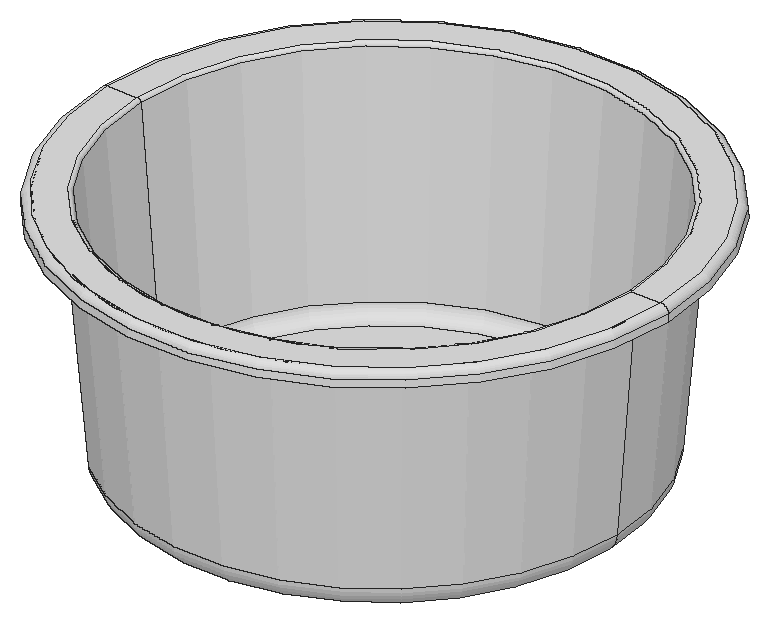
Revit family "Reece_Sink_Memo_Freya_Inset or Undermount_21.6 L_Single_Round", category Plumbing Fixtures, host Face, Revit 2018
Family settings
  Host = Face
  Round Connector Dimension = Use Diameter
  Part Type = Normal
  Cut with Voids When Loaded = No
  Shared = Yes
  Room Calculation Point = Yes
Parameters (values of type "No Taphole_Granite White")
  WFU = 0  # constant formula
  URL = "https://www.reece.com.au/product/-2406974"
  Type Comments = "Sink"
  Reece_Sink_is_Undermount [instance] = yes
  Reece_Sink_Undermount_Offset [instance] = 20 mm
  Reece_Sink_Undermount_Offset_formula [instance] = if(Reece_Sink_Undermount_Offset < 0 mm, 0 mm, if(Reece_Sink_is_Undermount, Reece_Sink_Undermount_Offset + 11 mm, 0 mm))  # 31 mm
  Reece_Sink_Outlet = 40 mm  # constant formula
  Reece_Product_Web Page = "https://www.reece.com.au/product/-2406974"
  Reece_Product_Type = "Sink"  # constant formula
  Reece_Product_Sub Brand = "Freya"  # constant formula
  Reece_Product_Number = "2406974"
  Reece_Product_Mount = "Inset / Undermount"  # constant formula
  Reece_Product_Description = "Memo Freya Round Sink No Taphole Granite White"
  Reece_Product_Brand = "Memo"  # constant formula
  Reece_Overall_Height = 210 mm  # constant formula
  Reece_Overall-Diameter = 460 mm  # constant formula
  Reece_Material_Main = Reece_Granite_Matte White
  Reece_Detail_Installation = ""
  Reece_Detail_Disclaimer = "THIS FILE IS THE PROPERTY OF THE REECE GROUP. IT MAY NOT BE REPRODUCED, REVERSE-ENGINEERED, OR MODIFIED. ANY REPUBLICATION, TRANSMISSION, OR DISTRIBUTION FOR THE PURPOSE OF COMMERCIALLY EXPLOITING THE FILES IS PROHIBITED."  # constant formula
  Reece_Detail_Connector = ""
  Reece_Detail_Additional = "Inset / Undermount"  # constant formula
  Model = "Freya"
  Manufacturer = "Memo"
  Keynote = "Product #2406974, Reece_Sink_Memo_Freya_Inset or Undermount_21.6 L_Single_Round - No Taphole_Granite White"
  HWFU = 0  # constant formula
  Disclaimer = "THIS FILE IS THE PROPERTY OF THE REECE GROUP. IT MAY NOT BE REPRODUCED, REVERSE-ENGINEERED, OR MODIFIED. ANY REPUBLICATION, TRANSMISSION, OR DISTRIBUTION FOR THE PURPOSE OF COMMERCIALLY EXPLOITING THE FILES IS PROHIBITED."  # constant formula
  Description = "Memo Freya Round Sink No Taphole Granite White"
  Default Elevation = 0 mm
  CWFU = 0  # constant formula
Types (2, lengths in mm): name | URL | Reece_Product_Web Page | Reece_Product_Number | Reece_Product_Description | Reece_Material_Main | Keynote | Description
  No Taphole_Granite Black | "https://www.reece.com.au/product/-2411005" | "https://www.reece.com.au/product/-2411005" | "2411005" | "Memo Freya Round Sink No Taphole Granite Black" | Reece_Granite_Matte Black | "Product #2411005, Reece_Sink_Memo_Freya_Inset or Undermount_21.6 L_Single_Round - No Taphole_Granite Black" | "Memo Freya Round Sink No Taphole Granite Black"
  No Taphole_Granite White | "https://www.reece.com.au/product/-2406974" | "https://www.reece.com.au/product/-2406974" | "2406974" | "Memo Freya Round Sink No Taphole Granite White" | Reece_Granite_Matte White | "Product #2406974, Reece_Sink_Memo_Freya_Inset or Undermount_21.6 L_Single_Round - No Taphole_Granite White" | "Memo Freya Round Sink No Taphole Granite White"
Reference planes
  plane 1 "Center (Front/Back)": y = -79.125
  plane 2 "Top of surface": z = 0
  plane 3 "Center (Left/Right)": x = 0
  plane 4 "Top of Sink": z = 0
  plane 5 "Outlet 1": z = -310
  plane 6 "Top of void": z = 11
  plane 7: z = -230
  plane 8: x = 230
  plane 9: x = -230
  plane 10: y = -309.125
  plane 11: y = 150.875
  plane 12: z = -31
  plane 13: z = -20
Forms (mm)
  Extrusion 1, void
    sketch origin (0, 0, 11) x (-1, 0, 0) y (0, -1, 0)
      loop
        circle (0, 79.125) r 200
    from 0 to -42
  Extrusion 2, void
    sketch origin (-685.035, -4572, -20) x (-1, 0, 0) y (0, -1, 0)
      loop
        circle (-685.035, -4492.875) r 230
    from 0 to -290
Text (mm)
  text "Reece ©" at (-902.343, -740.328, 0), in view "Ref. Level"
  text "Reece ©" at (44.384, 258.95, 192.345), in view "Reece Preview"
Dimensions and locks
  equal spacing: host sketch curve, plane 3 "Center (Left/Right)", host sketch curve
  equal spacing: host sketch curve, plane 1 "Center (Front/Back)", host sketch curve
  equal spacing: plane 9, plane 3 "Center (Left/Right)", plane 8
  equal spacing: plane 10, plane 1 "Center (Front/Back)", plane 11
  "Reece_Overall-Diameter": plane 9 to plane 8
  "Reece_Overall-Diameter": plane 10 to plane 11
  locked: plane 6 "Top of void" to plane 2 "Top of surface" at 11
  "Reece_Sink_Undermount_Offset_formula": plane 4 "Top of Sink" to plane 12
  locked: plane 7 to plane 5 "Outlet 1" at 80
  locked: plane 13 to plane 12 at 11
  "Reece_Overall_Height": plane 13 to plane 7
  aligned and locked: plane 2 "Top of surface" to host face
  aligned and locked: level to host face
  aligned and locked: plane 3 "Center (Left/Right)" to nested 1
  aligned and locked: plane 1 "Center (Front/Back)" to nested 1
  aligned and locked: Extrusion 1 to plane 12
  aligned and locked: Extrusion 2 to plane 5 "Outlet 1"
Automatic sketch dimensions
  plane 1 "Center (Front/Back)" to Extrusion 1 sketch curve = 0 mm
  Extrusion 1 sketch curve to plane 3 "Center (Left/Right)" = 0 mm
  plane 1 "Center (Front/Back)" to Extrusion 2 sketch curve = 0 mm
  Extrusion 2 sketch curve to plane 3 "Center (Left/Right)" = 0 mm
  radius of Extrusion 1 sketch curve = 200 mm
  radius of Extrusion 2 sketch curve = 230 mm
Nested families
  nested 1: "Reece_Sink_Memo_Freya_Inset or Undermount_21.6 L_Single_Round_Nested" at (0, 0, -31), Reece_Material_Main <- "Reece_Material_Main", type "Reece_Sink_Memo_Freya_Inset or Undermount_21.6 L_Single_Round_Nested"
    with Reece_Material_Main Reece_Granite_Matte White
Connectors
  piping at (0, 2.875, -229.843), diameter 40, driven by "Reece_Sink_Outlet"
    settings: on nested 1, index 1, connector inside diameter 609.6 mm, connector length 0 mm, flow factor 0, pipe flow 0.0 L/s, pressure drop 0.0 Pa, fitting loss kfactor 0, connector angle 0.00°, fixture units 0, engagement length 0 mm, angle of deflection 0.00°, flow configuration 0, flow direction 2, fitting loss method 0, system type 16, joint type 0, gender type 0, connector reference index -1, connector utility 0, adjustable connector no, is connector primary yes, connector description ""
Definition of nested family "Reece_Sink_Memo_Freya_Inset or Undermount_21.6 L_Single_Round_Nested"
  Parameters (values of type "Reece_Sink_Memo_Freya_Inset or Undermount_21.6 L_Single_Round_Nested")
    WFU = 0  # constant formula
    Reece_Sink_Outlet = 0 mm
    Reece_Product_Web Page = "https://www.reece.com.au/product/-"
    Reece_Product_Type = ""  # constant formula
    Reece_Product_Sub Brand = ""  # constant formula
    Reece_Product_Number = ""  # constant formula
    Reece_Product_Mount = ""  # constant formula
    Reece_Product_Description = ""  # constant formula
    Reece_Product_Brand = ""  # constant formula
    Reece_Overall_Width = 530 mm
    Reece_Overall_Length = 460 mm
    Reece_Overall_Height = 0 mm
    Reece_Overall_Capacity = 0.00 L
    Reece_Material_Main [instance] = none
    Reece_Detail_Installation = ""
    Reece_Detail_Connector = ""
    Reece_Detail_Additional = ""
    HWFU = 0  # constant formula
    Default Elevation = 0 mm
    CWFU = 0  # constant formula
  Reference planes
    plane 1 "Center (Front/Back)": y = -79.125
    plane 2 "Top of surface": z = 0
    plane 3 "Center (Left/Right)": x = 0
    plane 4: y = 84.875
    plane 5: y = -165.125
    plane 6 "linez": z = 0.157
    plane 7: y = 2.875
    plane 8: y = 150.875
    plane 9: y = -309.125
    plane 10 "top": z = 11
    plane 11: z = -198.843
  Forms (mm)
    Extrusion 1, solid, not visible
      sketch origin (619.2, -619.2, 0) x (1, 0, 0) y (0, 1, 0)
        loop
          line (-1379.2, 941.955) -> (-1379.2, 138.196) -> (140.8, 138.196) -> (140.8, 941.955) -> (-1379.2, 941.955)
      from 0 to -390.312
    Revolve 2, solid, material <- "Reece_Material_Main"
      sketch origin (-88.219, 2.875, 1219.2) x (1, 0, 0) y (0, 0, -1)
        loop
          line (88.219, 1428.71) -> (88.219, 1414.453) -> (98.219, 1414.453) -> (98.219, 1416.654) -> (91.015, 1416.654) -> (91.015, 1420.048) -> (115.357, 1420.048)
          arc (115.357, 1420.048) -> (120.261, 1418.126) -> (122.555, 1413.385) r 7.22
          line (122.555, 1413.385) -> (124.421, 1413.385) -> (124.421, 1414.385) -> (123.428, 1414.385)
          arc (123.428, 1414.385) -> (120.59, 1419.167) -> (115.357, 1421.048) r 8.22
          line (115.357, 1421.048) -> (91.015, 1421.048) -> (91.015, 1429.056)
          arc (91.015, 1429.056) -> (91.632, 1431.209) -> (93.294, 1432.71) r 4.068
          line (93.294, 1432.71) -> (112.664, 1432.71) -> (114.333, 1426.887)
          arc (114.333, 1426.887) -> (124.526, 1415.776) -> (128.219, 1401.158) r 30.78
          line (128.219, 1401.158) -> (128.219, 1399.758)
          arc (128.219, 1399.758) -> (128.722, 1399.255) -> (129.225, 1399.758) r 0.503
          line (129.225, 1399.758) -> (129.225, 1398.801)
          arc (129.225, 1398.801) -> (129.401, 1398.376) -> (129.826, 1398.2) r 0.601
          line (129.826, 1398.2) -> (145.219, 1398.2) -> (145.219, 1399.2) -> (141.944, 1399.2) -> (130.225, 1399.2) -> (130.225, 1400.414) -> (129.211, 1400.414)
          arc (129.211, 1400.414) -> (125.667, 1415.757) -> (115.193, 1427.516) r 31.78
          line (115.193, 1427.516) -> (113.417, 1433.71) -> (91.015, 1433.71) -> (91.015, 1455.253)
          arc (91.015, 1455.253) -> (90.196, 1457.23) -> (88.219, 1458.049) r 2.796
          line (88.219, 1458.049) -> (88.219, 1428.71)
        axis (88.219, 1398.2) -> (88.219, 1458.049)
      angle from 0 to 360
    Extrusion 3, void
      sketch origin (-774.2, 72, -20) x (1, 0, 0) y (0, 1, 0)
        loop
          arc (742.519, -67.626) -> (741.021, -69.125) -> (742.519, -70.623) r 1.498
          line (742.519, -70.623) -> (752.509, -70.623)
          arc (752.509, -70.623) -> (754.008, -69.125) -> (752.509, -67.626) r 1.498
          line (752.509, -67.626) -> (742.519, -67.626)
        loop
          arc (744.942, -56.881) -> (743.022, -57.777) -> (743.917, -59.697) r 1.498
          line (743.917, -59.697) -> (753.305, -63.114)
          arc (753.305, -63.114) -> (755.225, -62.218) -> (754.33, -60.298) r 1.498
          line (754.33, -60.298) -> (744.942, -56.881)
        loop
          arc (750.894, -47.613) -> (748.783, -47.797) -> (748.968, -49.908) r 1.498
          line (748.968, -49.908) -> (756.621, -56.33)
          arc (756.621, -56.33) -> (758.732, -56.145) -> (758.547, -54.034) r 1.498
          line (758.547, -54.034) -> (750.894, -47.613)
        loop
          arc (759.657, -40.939) -> (757.61, -40.39) -> (757.062, -42.437) r 1.498
          line (757.062, -42.437) -> (762.057, -51.089)
          arc (762.057, -51.089) -> (764.104, -51.638) -> (764.652, -49.591) r 1.498
          line (764.652, -49.591) -> (759.657, -40.939)
        loop
          arc (770.174, -37.665) -> (768.253, -36.319) -> (766.907, -38.241) r 1.659
          line (766.907, -38.241) -> (768.642, -48.079)
          arc (768.642, -48.079) -> (770.563, -49.425) -> (771.909, -47.503) r 1.659
          line (771.909, -47.503) -> (770.174, -37.665)
        loop
          line (805.881, -67.626) -> (795.891, -67.626)
          arc (795.891, -67.626) -> (794.392, -69.125) -> (795.891, -70.623) r 1.498
          line (795.891, -70.623) -> (805.881, -70.623)
          arc (805.881, -70.623) -> (807.379, -69.125) -> (805.881, -67.626) r 1.498
        loop
          line (803.458, -56.881) -> (794.07, -60.298)
          arc (794.07, -60.298) -> (793.175, -62.218) -> (795.095, -63.114) r 1.498
          line (795.095, -63.114) -> (804.483, -59.697)
          arc (804.483, -59.697) -> (805.378, -57.777) -> (803.458, -56.881) r 1.498
        loop
          line (797.506, -47.613) -> (789.853, -54.034)
          arc (789.853, -54.034) -> (789.668, -56.145) -> (791.779, -56.33) r 1.498
          line (791.779, -56.33) -> (799.432, -49.908)
          arc (799.432, -49.908) -> (799.617, -47.797) -> (797.506, -47.613) r 1.498
        loop
          line (788.743, -40.939) -> (783.748, -49.591)
          arc (783.748, -49.591) -> (784.296, -51.638) -> (786.343, -51.089) r 1.498
          line (786.343, -51.089) -> (791.338, -42.437)
          arc (791.338, -42.437) -> (790.79, -40.39) -> (788.743, -40.939) r 1.498
        loop
          line (778.226, -37.665) -> (776.491, -47.503)
          arc (776.491, -47.503) -> (777.706, -49.239) -> (779.442, -48.024) r 1.498
          line (779.442, -48.024) -> (781.177, -38.185)
          arc (781.177, -38.185) -> (779.962, -36.449) -> (778.226, -37.665) r 1.498
        loop
          line (744.942, -81.368) -> (754.33, -77.951)
          arc (754.33, -77.951) -> (755.225, -76.031) -> (753.305, -75.135) r 1.498
          line (753.305, -75.135) -> (743.917, -78.552)
          arc (743.917, -78.552) -> (743.022, -80.473) -> (744.942, -81.368) r 1.498
        loop
          line (750.894, -90.637) -> (758.547, -84.215)
          arc (758.547, -84.215) -> (758.732, -82.104) -> (756.621, -81.919) r 1.498
          line (756.621, -81.919) -> (748.968, -88.341)
          arc (748.968, -88.341) -> (748.783, -90.452) -> (750.894, -90.637) r 1.498
        loop
          line (759.657, -97.31) -> (764.652, -88.659)
          arc (764.652, -88.659) -> (764.104, -86.612) -> (762.057, -87.16) r 1.498
          line (762.057, -87.16) -> (757.062, -95.812)
          arc (757.062, -95.812) -> (757.61, -97.859) -> (759.657, -97.31) r 1.498
        loop
          line (770.174, -100.584) -> (771.909, -90.746)
          arc (771.909, -90.746) -> (770.694, -89.01) -> (768.958, -90.226) r 1.498
          line (768.958, -90.226) -> (767.223, -100.064)
          arc (767.223, -100.064) -> (768.438, -101.8) -> (770.174, -100.584) r 1.498
        loop
          arc (803.458, -81.368) -> (805.378, -80.473) -> (804.483, -78.552) r 1.498
          line (804.483, -78.552) -> (795.095, -75.135)
          arc (795.095, -75.135) -> (793.175, -76.031) -> (794.07, -77.951) r 1.498
          line (794.07, -77.951) -> (803.458, -81.368)
        loop
          arc (797.506, -90.637) -> (799.617, -90.452) -> (799.432, -88.341) r 1.498
          line (799.432, -88.341) -> (791.779, -81.919)
          arc (791.779, -81.919) -> (789.668, -82.104) -> (789.853, -84.215) r 1.498
          line (789.853, -84.215) -> (797.506, -90.637)
        loop
          arc (788.743, -97.31) -> (790.79, -97.859) -> (791.338, -95.812) r 1.498
          line (791.338, -95.812) -> (786.343, -87.16)
          arc (786.343, -87.16) -> (784.296, -86.612) -> (783.748, -88.659) r 1.498
          line (783.748, -88.659) -> (788.743, -97.31)
        loop
          arc (778.226, -100.584) -> (779.962, -101.8) -> (781.177, -100.064) r 1.498
          line (781.177, -100.064) -> (779.442, -90.226)
          arc (779.442, -90.226) -> (777.706, -89.01) -> (776.491, -90.746) r 1.498
          line (776.491, -90.746) -> (778.226, -100.584)
      from -194.51 to -148
    Revolve 4, solid, material <- "Reece_Material_Main"
      sketch origin (-88.219, 2.875, 1219.2) x (1, 0, 0) y (0, 0, -1)
        loop
          line (133.219, 1418.043) -> (133.219, 1403.7) -> (147.218, 1399.171)
          arc (147.218, 1399.171) -> (150.258, 1398.444) -> (153.374, 1398.2) r 20
          line (153.374, 1398.2) -> (158.219, 1398.2) -> (158.219, 1405.7) -> (149.991, 1418.043) -> (133.219, 1418.043)
        axis (88.219, 1398.2) -> (88.219, 1418.043)
      angle from 0 to 360
    Revolve 5, solid, material <- "Reece_Material_Main"
      sketch origin (0, -79.125, 0) x (1, 0, 0) y (0, 0, 1)
        loop
          arc (199.749, 11) -> (197.722, 10.212) -> (196.76, 8.261) r 3
          line (196.76, 8.261) -> (181.336, -168.046)
          arc (181.336, -168.046) -> (177.488, -175.847) -> (169.381, -179) r 12
          line (169.381, -179) -> (0, -179) -> (0, -186.5) -> (169.381, -186.5)
          arc (169.381, -186.5) -> (182.555, -181.377) -> (188.807, -168.7) r 19.5
          line (188.807, -168.7) -> (203.566, 0) -> (230, 0) -> (229.621, 5.419)
          arc (229.621, 5.419) -> (227.728, 9.388) -> (223.636, 11) r 6
          line (223.636, 11) -> (199.749, 11)
        axis (0, -186.5) -> (0, 11)
      angle from 0 to 360
    Revolve 6, void
      sketch origin (-88.219, 2.875, 1219.2) x (1, 0, 0) y (0, 0, -1)
        loop
          line (88.219, 1462.975) -> (88.219, 1373.624) -> (158.219, 1373.624) -> (158.219, 1462.975) -> (88.219, 1462.975)
        axis (88.219, 1373.624) -> (88.219, 1462.975)
      angle from 0 to 360
  Cuts and joins
    Extrusion 3 cuts Revolve 2
    Revolve 6 cuts Revolve 5
    joined: Revolve 2, Revolve 4, Revolve 5
  Lines and regions (mm)
    symbolic lines
      curve 1: circle (0, -79.125, 0) r 197 normal (0, 0, 1)
  Text (mm)
    text "Reece © " at (-1153.915, -652.838, 0), in view "Ref. Level"
    text "Reece ©" at (55.762, 247.572, 169.589), in view "Reece Preview"
  Dimensions and locks
    equal spacing: Extrusion 1 sketch curve, plane 1 "Center (Front/Back)", Extrusion 1 sketch curve
    equal spacing: Extrusion 1 sketch curve, plane 3 "Center (Left/Right)", Extrusion 1 sketch curve
    locked: plane 4 to plane 5 at 250
    equal spacing: plane 8, plane 1 "Center (Front/Back)", plane 9
    locked: plane 9 to plane 8 at 460
    locked: plane 10 "top" to plane 11 at 209.843
    aligned and locked: Extrusion 1 to plane 2 "Top of surface"
    aligned and locked: Extrusion 1 to level
    aligned and locked: Revolve 5 sketch curve to plane 3 "Center (Left/Right)"
  Automatic sketch dimensions
    Extrusion 3 sketch curve to plane 7 = 0 mm  (x2)
    plane 7 to Extrusion 3 sketch curve = 1.498 mm  (x2)
    Extrusion 3 sketch curve to plane 3 "Center (Left/Right)" = 31.681 mm
    plane 7 to Extrusion 3 sketch curve = 9.427 mm  (x2)
    Extrusion 3 sketch curve to Extrusion 3 sketch curve = 1.398 mm  (x3)
    Extrusion 3 sketch curve to plane 7 = 9.427 mm  (x2)
    Extrusion 3 sketch curve to Extrusion 3 sketch curve = 0.513 mm  (x16)
    Extrusion 3 sketch curve to plane 7 = 12.244 mm  (x2)
    plane 7 to Extrusion 3 sketch curve = 12.244 mm  (x2)
    Extrusion 3 sketch curve to Extrusion 3 sketch curve = 4.026 mm  (x4)
    Extrusion 3 sketch curve to Extrusion 3 sketch curve = 0.963 mm  (x16)
    Extrusion 3 sketch curve to Extrusion 3 sketch curve = 9.99 mm
    Extrusion 3 sketch curve to plane 7 = 6.011 mm  (x2)
    Extrusion 3 sketch curve to Extrusion 3 sketch curve = 0.796 mm  (x3)
    plane 7 to Extrusion 3 sketch curve = 6.011 mm  (x2)
    plane 7 to Extrusion 3 sketch curve = 8.827 mm  (x2)
    Extrusion 3 sketch curve to plane 7 = 8.827 mm  (x2)
    Extrusion 3 sketch curve to Extrusion 3 sketch curve = 2.291 mm  (x4)
    Extrusion 3 sketch curve to Extrusion 3 sketch curve = 6.168 mm  (x4)
    Extrusion 3 sketch curve to Extrusion 3 sketch curve = 1.298 mm  (x16)
    Extrusion 3 sketch curve to Extrusion 3 sketch curve = 3.51 mm  (x4)
    Extrusion 3 sketch curve to plane 3 "Center (Left/Right)" = 7.293 mm
    Extrusion 3 sketch curve to plane 3 "Center (Left/Right)" = 6.977 mm
    Extrusion 3 sketch curve to Extrusion 3 sketch curve = 1.634 mm  (x4)
    Extrusion 3 sketch curve to Extrusion 3 sketch curve = 3.989 mm
    Extrusion 3 sketch curve to Extrusion 3 sketch curve = 1.476 mm  (x12)
    Extrusion 3 sketch curve to Extrusion 3 sketch curve = 4.305 mm  (x3)
    plane 3 "Center (Left/Right)" to Extrusion 3 sketch curve = 2.291 mm  (x2)
    plane 3 "Center (Left/Right)" to Extrusion 3 sketch curve = 4.026 mm  (x2)
    Extrusion 3 sketch curve to Extrusion 3 sketch curve = 7.566 mm  (x2)
    Extrusion 3 sketch curve to Extrusion 3 sketch curve = 3.968 mm  (x4)
    Extrusion 3 sketch curve to Extrusion 3 sketch curve = 1.148 mm  (x8)
    Extrusion 3 sketch curve to Extrusion 3 sketch curve = 2.945 mm  (x4)
    Extrusion 3 sketch curve to Extrusion 3 sketch curve = 0.749 mm  (x8)
    Extrusion 3 sketch curve to Extrusion 3 sketch curve = 6.973 mm  (x4)
    Extrusion 3 sketch curve to Extrusion 3 sketch curve = 1.567 mm  (x3)
    Extrusion 3 sketch curve to Extrusion 3 sketch curve = 0.26 mm  (x6)
    Extrusion 3 sketch curve to Extrusion 3 sketch curve = 5.175 mm  (x4)
    Extrusion 3 sketch curve to Extrusion 3 sketch curve = 2.754 mm  (x3)
    Extrusion 3 sketch curve to Extrusion 3 sketch curve = 1.511 mm
    Extrusion 3 sketch curve to Extrusion 3 sketch curve = 0.288 mm  (x2)
    Extrusion 3 sketch curve to Extrusion 3 sketch curve = 2.698 mm
    Revolve 5 sketch curve to Revolve 5 sketch curve = 0 mm  (x3)
    Revolve 5 sketch curve to level = 0 mm
    plane 3 "Center (Left/Right)" to Revolve 5 sketch curve = 0 mm
    Revolve 5 sketch curve to Revolve 5 sketch curve = 169.381 mm
    Revolve 5 sketch curve to Revolve 5 sketch curve = 11.954 mm
    Revolve 5 sketch curve to Revolve 5 sketch curve = 7.471 mm
    Revolve 5 sketch curve to plane 6 "linez" = 8.104 mm
    Revolve 5 sketch curve to Revolve 5 sketch curve = 15.425 mm
    Revolve 5 sketch curve to Revolve 5 sketch curve = 2.989 mm
    Revolve 5 sketch curve to Revolve 5 sketch curve = 3.817 mm
    Revolve 5 sketch curve to Revolve 5 sketch curve = 20.069 mm
    Revolve 5 sketch curve to plane 6 "linez" = 5.262 mm
    Revolve 5 sketch curve to Revolve 5 sketch curve = 5.985 mm
    Revolve 5 sketch curve to Revolve 5 sketch curve = 0.379 mm
    Revolve 5 sketch curve to plane 6 "linez" = 4.843 mm
    Revolve 5 sketch curve to plane 6 "linez" = 40.477 mm
    Revolve 5 sketch curve to Revolve 5 sketch curve = 120 mm
    Revolve 5 sketch curve to level = 167 mm
    Revolve 5 sketch curve to Revolve 5 sketch curve = 1.046 mm
    Revolve 5 sketch curve to Revolve 5 sketch curve = 0.654 mm
    Revolve 6 sketch curve to plane 3 "Center (Left/Right)" = 0 mm
    plane 3 "Center (Left/Right)" to Revolve 6 sketch curve = 0 mm
    Revolve 6 sketch curve to level = 154.424 mm
    Revolve 6 sketch curve to Revolve 6 sketch curve = 4.45 mm
    Revolve 6 sketch curve to Revolve 6 sketch curve = 21.199 mm
    Revolve 6 sketch curve to Revolve 6 sketch curve = 89.351 mm
    Revolve 6 sketch curve to Revolve 6 sketch curve = 70 mm
    Revolve 4 sketch curve to plane 3 "Center (Left/Right)" = 0 mm
    Revolve 4 sketch curve to plane 11 = 0 mm
    plane 11 to Revolve 4 sketch curve = 14.343 mm
    plane 3 "Center (Left/Right)" to Revolve 4 sketch curve = 45 mm
    plane 11 to Revolve 4 sketch curve = 18.872 mm
    Revolve 4 sketch curve to Revolve 4 sketch curve = 13.998 mm
    Revolve 4 sketch curve to Revolve 4 sketch curve = 16.771 mm
    Revolve 4 sketch curve to Revolve 4 sketch curve = 6.156 mm
    Revolve 4 sketch curve to Revolve 4 sketch curve = 4.845 mm
    Revolve 4 sketch curve to Revolve 4 sketch curve = 0.971 mm
    Revolve 4 sketch curve to Revolve 4 sketch curve = 7.5 mm
    plane 11 to Revolve 4 sketch curve = 48.869 mm
    Revolve 4 sketch curve to plane 11 = 66.131 mm
    plane 1 "Center (Front/Back)" to curve 1 = 0 mm
    curve 1 to plane 3 "Center (Left/Right)" = 0 mm
    Revolve 2 sketch curve to Revolve 2 sketch curve = 0 mm  (x5)
    Revolve 2 sketch curve to plane 3 "Center (Left/Right)" = 0 mm  (x2)
    plane 3 "Center (Left/Right)" to Revolve 2 sketch curve = 2.796 mm  (x2)
    Revolve 2 sketch curve to Revolve 2 sketch curve = 2.796 mm
    plane 11 to Revolve 2 sketch curve = 1.389 mm
    Revolve 2 sketch curve to Revolve 2 sketch curve = 7.204 mm
    Revolve 2 sketch curve to Revolve 2 sketch curve = 2.279 mm
    Revolve 2 sketch curve to Revolve 2 sketch curve = 1.789 mm
    plane 3 "Center (Left/Right)" to Revolve 2 sketch curve = 9.22 mm
    Revolve 2 sketch curve to Revolve 2 sketch curve = 17.58 mm
    Revolve 2 sketch curve to Revolve 2 sketch curve = 0.754 mm
    Revolve 2 sketch curve to plane 11 = 8.844 mm
    Revolve 2 sketch curve to Revolve 2 sketch curve = 1.67 mm
    Revolve 2 sketch curve to plane 11 = 9.473 mm
    Revolve 2 sketch curve to Revolve 2 sketch curve = 0.86 mm
    plane 11 to Revolve 2 sketch curve = 5.215 mm
    Revolve 2 sketch curve to Revolve 2 sketch curve = 1.024 mm
    Revolve 2 sketch curve to Revolve 2 sketch curve = 7.198 mm
    Revolve 2 sketch curve to Revolve 2 sketch curve = 0.873 mm
    Revolve 2 sketch curve to Revolve 2 sketch curve = 0.993 mm
    Revolve 2 sketch curve to Revolve 2 sketch curve = 3.798 mm
    Revolve 2 sketch curve to Revolve 2 sketch curve = 0.503 mm
    Revolve 2 sketch curve to Revolve 2 sketch curve = 0.014 mm
    Revolve 2 sketch curve to Revolve 2 sketch curve = 0.601 mm
    Revolve 2 sketch curve to Revolve 2 sketch curve = 0.399 mm
    Revolve 2 sketch curve to Revolve 2 sketch curve = 11.719 mm
    Revolve 2 sketch curve to Revolve 2 sketch curve = 3.275 mm
    Revolve 2 sketch curve to Revolve 2 sketch curve = 0.656 mm
    Revolve 2 sketch curve to Revolve 2 sketch curve = 0.558 mm
    Revolve 2 sketch curve to Revolve 2 sketch curve = 0.957 mm
    plane 11 to Revolve 2 sketch curve = 4.658 mm
    Revolve 2 sketch curve to Revolve 2 sketch curve = 1 mm  (x2)
    Revolve 2 sketch curve to Revolve 2 sketch curve = 7.662 mm
    Revolve 2 sketch curve to Revolve 2 sketch curve = 0.346 mm
    Revolve 2 sketch curve to Revolve 2 sketch curve = 21.543 mm
    Revolve 2 sketch curve to Revolve 2 sketch curve = 9.074 mm
    Revolve 2 sketch curve to Revolve 2 sketch curve = 2.201 mm
    Revolve 2 sketch curve to plane 11 = 0.527 mm
    radius of curve 1 = 197 mm
